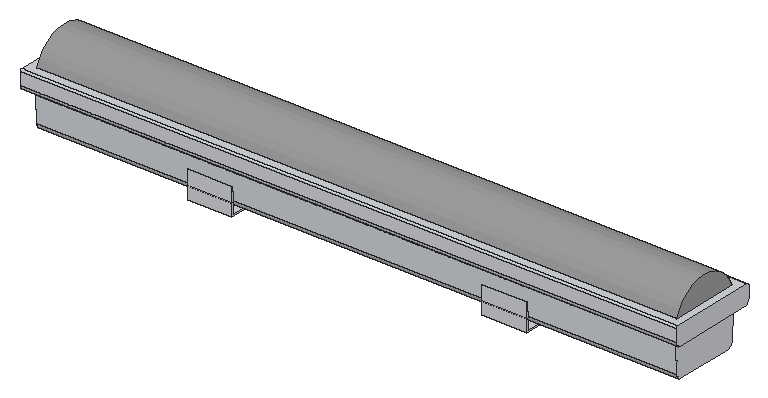
Revit family "0010207", category Lighting Fixtures, host Face, Revit 2017 (continued)
Types (60, lengths in mm): name | Weight | Wattage | TypeName | built-in parameter 1150134 | Photometric Web File | PowerFactor | PowerConsumption | NominalLength | Name | ModelReference | ModelNumber | Model | LuminousEfficacy | built-in parameter 1150105 | Lumens | LampNominalLuminous | LampMacAdamStep | LampColourTemperature | LENGHT_SYL | LENGHT_CHAMFER_SYL | LENGHT-_SYL | LENGHT-_CHAMFER_SYL | L0650_SYL | L1500_SYL | L1200_SYL | built-in parameter 1150107 | built-in parameter 1150106 | built-in parameter 1150104 | DocumentationLiterature | Description | BRACKET_WIDTH_SYL | BRACKET_DIST_SYL | Apparent Load
  0010215 RESISTO 1200 IP66 4800LM 840 QC | "1.61 kg" | 35 W | "Resisto  1200 IP66 4800lm 840 QC" | 12 | "0010215.ies" | 0.95 | "35 W" | 1212 | "Resisto  1200 IP66 4800lm 840 QC" | "Resisto  1200 IP66 4800lm 840 QC" | "0010215" | "Resisto  1200 IP66 4800lm 840 QC" | "137 lm/W" | 1583.6 (stored number, unit not read) | 4795 lm | "4800 lm" | "5" | "4000 K" | 592 | 600 | -592 | -600 | no | no | yes | 4000 (stored number, unit not read) | 15.836 (stored number, unit not read) | 12.728 (stored number, unit not read) | "http://www.sylvania-lighting.com/product/en-int/products/0010215" | "Resisto, integrated LED weatherproof luminaire, with UV stabilized flat diffuser designed to achieve uniform lit appearance, optimise light output and to reduce glare. 301 stainless steel diffuser clips and fixing brackets for surface mounting. Polycarbonate housing and diffuser - no yellow discolouration over time. 4800lm; 35W; 137lm/W; 4000K; SDCM<5; non dimmable; CRI80; IP66; IK08; Class I; 69,000hrs (L80B20) lifespan; 1200mm x 89mm x 88mm; D-mark; assembled with quick connector." | 400 | 444 | 35 VA
  0010214 RESISTO 1200 IP66 2800LM 840 QC | "1.57 kg" | 21 W | "Resisto  1200 IP66 2800lm 840 QC" | 12 | "0010214.ies" | 0.95 | "21 W" | 1212 | "Resisto  1200 IP66 2800lm 840 QC" | "Resisto  1200 IP66 2800lm 840 QC" | "0010214" | "Resisto  1200 IP66 2800lm 840 QC" | "133 lm/W" | 917.95 (stored number, unit not read) | 2793 lm | "2800 lm" | "5" | "4000 K" | 592 | 600 | -592 | -600 | no | no | yes | 4000 (stored number, unit not read) | 9.1795 (stored number, unit not read) | 12.356 (stored number, unit not read) | "http://www.sylvania-lighting.com/product/en-int/products/0010214" | "Resisto, integrated LED weatherproof luminaire, with UV stabilized flat diffuser designed to achieve uniform lit appearance, optimise light output and to reduce glare. 301 stainless steel diffuser clips and fixing brackets for surface mounting. Polycarbonate housing and diffuser - no yellow discolouration over time. 2800lm; 21W; 133lm/W; 4000K; SDCM<5; non dimmable; CRI80; IP66; IK08; Class I; 69,000hrs (L80B20) lifespan; 1200mm x 89mm x 88mm; D-mark; assembled with quick connector." | 400 | 444 | 21 VA
  0010213 RESISTO 1200 IP66 4800LM 865 | "1.54 kg" | 35 W | "Resisto  1200 IP66 4800lm 865" | 1 | "0010213.ies" | 0.95 | "35 W" | 1200 | "Resisto  1200 IP66 4800lm 865" | "Resisto  1200 IP66 4800lm 865" | "0010213" | "Resisto  1200 IP66 4800lm 865" | "137 lm/W" | 1583.6 (stored number, unit not read) | 4795 lm | "4800 lm" | "5" | "6500 K" | 592 | 600 | -592 | -600 | no | no | yes | 6500 (stored number, unit not read) | 15.836 (stored number, unit not read) | 12.728 (stored number, unit not read) | "http://www.sylvania-lighting.com/product/en-int/products/0010213" | "Resisto, integrated LED weatherproof luminaire, with UV stabilized flat diffuser designed to achieve uniform lit appearance, optimise light output and to reduce glare. 301 stainless steel diffuser clips and fixing brackets for surface mounting. Polycarbonate housing and diffuser - no yellow discolouration over time. 4800lm; 35W; 137lm/W; 6500K; SDCM<5; non dimmable; CRI80; IP66; IK08; Class I; 69,000hrs (L80B20) lifespan; 1200mm x 89mm x 88mm; D-mark." | 400 | 444 | 35 VA
  0010212 RESISTO 1200 IP66 2800LM 865 | "1.5 kg" | 21 W | "Resisto  1200 IP66 2800lm 865" | 1 | "0010212.ies" | 0.95 | "21 W" | 1200 | "Resisto  1200 IP66 2800lm 865" | "Resisto  1200 IP66 2800lm 865" | "0010212" | "Resisto  1200 IP66 2800lm 865" | "133 lm/W" | 917.95 (stored number, unit not read) | 2793 lm | "2800 lm" | "5" | "6500 K" | 592 | 600 | -592 | -600 | no | no | yes | 6500 (stored number, unit not read) | 9.1795 (stored number, unit not read) | 12.356 (stored number, unit not read) | "http://www.sylvania-lighting.com/product/en-int/products/0010212" | "Resisto, integrated LED weatherproof luminaire, with UV stabilized flat diffuser designed to achieve uniform lit appearance, optimise light output and to reduce glare. 301 stainless steel diffuser clips and fixing brackets for surface mounting. Polycarbonate housing and diffuser - no yellow discolouration over time. 2800lm; 21W; 133lm/W; 6500K; SDCM<5; non dimmable; CRI80; IP66; IK08; Class I; 69,000hrs (L80B20) lifespan; 1200mm x 89mm x 88mm; D-mark." | 400 | 444 | 21 VA
  0010211 RESISTO 1200 IP66 4800LM 840 | "11.88 kg" | 35 W | "Resisto  1200 IP66 4800lm 840" | 12 | "0010211.ies" | 0.95 | "35.0 W" | 1200 | "Resisto  1200 IP66 4800lm 840" | "Resisto  1200 IP66 4800lm 840" | "0010211" | "Resisto  1200 IP66 4800lm 840" | "137 lm/W" | -7601417.6 (stored number, unit not read) | 4795 lm | "4800 lm" | "5" | "4000 K" | 592 | 600 | -592 | -600 | no | no | yes | 4000 (stored number, unit not read) | -76014.2 (stored number, unit not read) | 12.728 (stored number, unit not read) | "http://www.sylvania-lighting.com/product/en-int/products/0010211" | "Resisto, integrated LED weatherproof luminaire, with UV stabilized flat diffuser designed to achieve uniform lit appearance, optimise light output and to reduce glare. 301 stainless steel diffuser clips and fixing brackets for surface mounting. Polycarbonate housing and diffuser - no yellow discolouration over time. 4800lm; 35W; 137lm/W; 4000K; SDCM<5; non dimmable; CRI80; IP66; IK08; Class I; 69,000hrs (L80B20) lifespan; 1200mm x 89mm x 88mm; D-mark." | 400 | 444 | 35 VA
  0010210 RESISTO 1200 IP66 2800LM 840 | "11.88 kg" | 21 W | "Resisto  1200 IP66 2800lm 840" | 12 | "0010210.ies" | 0.95 | "21.0 W" | 1200 | "Resisto  1200 IP66 2800lm 840" | "Resisto  1200 IP66 2800lm 840" | "0010210" | "Resisto  1200 IP66 2800lm 840" | "133 lm/W" | -2570258.2 (stored number, unit not read) | 2793 lm | "2800 lm" | "5" | "4000 K" | 592 | 600 | -592 | -600 | no | no | yes | 4000 (stored number, unit not read) | -25702.6 (stored number, unit not read) | 12.356 (stored number, unit not read) | "http://www.sylvania-lighting.com/product/en-int/products/0010210" | "Resisto, integrated LED weatherproof luminaire, with UV stabilized flat diffuser designed to achieve uniform lit appearance, optimise light output and to reduce glare. 301 stainless steel diffuser clips and fixing brackets for surface mounting. Polycarbonate housing and diffuser - no yellow discolouration over time. 2800lm; 21W; 133lm/W; 4000K; SDCM<5; non dimmable; CRI80; IP66; IK08; Class I; 69,000hrs (L80B20) lifespan; 1200mm x 89mm x 88mm; D-mark." | 400 | 444 | 21 VA
  0010209 RESISTO 1200 IP66 4800LM 830 | "1.54 kg" | 35 W | "Resisto  1200 IP66 4800lm 830" | (empty or 0) | "0010209.ies" | 0.95 | "35 W" | 1200 | "Resisto  1200 IP66 4800lm 830" | "Resisto  1200 IP66 4800lm 830" | "0010209" | "Resisto  1200 IP66 4800lm 830" | "137 lm/W" | 1583.6 (stored number, unit not read) | 4795 lm | "4800 lm" | "5" | "3000 K" | 592 | 600 | -592 | -600 | no | no | yes | 3000 (stored number, unit not read) | 15.836 (stored number, unit not read) | 12.728 (stored number, unit not read) | "http://www.sylvania-lighting.com/product/en-int/products/0010209" | "Resisto, integrated LED weatherproof luminaire, with UV stabilized flat diffuser designed to achieve uniform lit appearance, optimise light output and to reduce glare. 301 stainless steel diffuser clips and fixing brackets for surface mounting. Polycarbonate housing and diffuser - no yellow discolouration over time. 4800lm; 35W; 137lm/W; 3000K; SDCM<5; non dimmable; CRI80; IP66; IK08; Class I; 69,000hrs (L80B20) lifespan; 1200mm x 89mm x 88mm; D-mark." | 400 | 444 | 35 VA
  0010208 RESISTO 1200 IP66 2800LM 830 | "1.5 kg" | 21 W | "Resisto  1200 IP66 2800lm 830" | (empty or 0) | "0010208.ies" | 0.95 | "21 W" | 1200 | "Resisto  1200 IP66 2800lm 830" | "Resisto  1200 IP66 2800lm 830" | "0010208" | "Resisto  1200 IP66 2800lm 830" | "133 lm/W" | 917.95 (stored number, unit not read) | 2793 lm | "2800 lm" | "5" | "3000 K" | 592 | 600 | -592 | -600 | no | no | yes | 3000 (stored number, unit not read) | 9.1795 (stored number, unit not read) | 12.356 (stored number, unit not read) | "http://www.sylvania-lighting.com/product/en-int/products/0010208" | "Resisto, integrated LED weatherproof luminaire, with UV stabilized flat diffuser designed to achieve uniform lit appearance, optimise light output and to reduce glare. 301 stainless steel diffuser clips and fixing brackets for surface mounting. Polycarbonate housing and diffuser - no yellow discolouration over time. 2800lm; 21W; 133lm/W; 3000K; SDCM<5; non dimmable; CRI80; IP66; IK08; Class I; 69,000hrs (L80B20) lifespan; 1200mm x 89mm x 88mm; D-mark." | 400 | 444 | 21 VA
  0010207 RESISTO 600 HE IP66 2500LM 840 | "0.96 kg" | 16 W | "Resisto  600 HE IP66 2500lm 840" | 12 | "0010207.ies" | 0.95 | "16 W" | 650 | "Resisto  600 HE IP66 2500lm 840" | "Resisto  600 HE IP66 2500lm 840" | "0010207" | "Resisto  600 HE IP66 2500lm 840" | "156 lm/W" | 829.02 (stored number, unit not read) | 2496 lm | "2500 lm" | "3" | "4000 K" | 317 | 325 | -317 | -325 | yes | no | no | 4000 (stored number, unit not read) | 8.2902 (stored number, unit not read) | 14.493 (stored number, unit not read) | "http://www.sylvania-lighting.com/product/en-int/products/0010207" | "Resisto, integrated LED weatherproof luminaire, with UV stabilized flat diffuser designed to achieve uniform lit appearance, optimise light output and to reduce glare. 301 stainless steel diffuser clips and fixing brackets for surface mounting. Polycarbonate housing and diffuser - no yellow discolouration over time. 2500lm; 16W; 156lm/W; 4000K; SDCM<3; non dimmable; CRI80; IP66; IK08; Class I; 69,000hrs (L80B20) lifespan; 650mm x 89mm x 88mm; D-mark." | 125 | 169 | 16 VA
  0010206 RESISTO 600 HE IP66 1400LM 840 | "0.88 kg" | 10 W | "Resisto  600 HE IP66 1400lm 840" | 12 | "0010206.ies" | 0.9 | "10 W" | 650 | "Resisto  600 HE IP66 1400lm 840" | "Resisto  600 HE IP66 1400lm 840" | "0010206" | "Resisto  600 HE IP66 1400lm 840" | "140 lm/W" | 479.25 (stored number, unit not read) | 1400 lm | "1400 lm" | "3" | "4000 K" | 317 | 325 | -317 | -325 | yes | no | no | 4000 (stored number, unit not read) | 4.7925 (stored number, unit not read) | 13.006 (stored number, unit not read) | "http://www.sylvania-lighting.com/product/en-int/products/0010206" | "Resisto, integrated LED weatherproof luminaire, with UV stabilized flat diffuser designed to achieve uniform lit appearance, optimise light output and to reduce glare. 301 stainless steel diffuser clips and fixing brackets for surface mounting. Polycarbonate housing and diffuser - no yellow discolouration over time. 1400lm; 10W; 140lm/W; 4000K; SDCM<3; non dimmable; CRI80; IP66; IK08; Class I; 69,000hrs (L80B20) lifespan; 650mm x 89mm x 88mm; D-mark." | 125 | 169 | 10 VA
  0010205 RESISTO 600 IP66 2500LM 865 | "0.88 kg" | 19 W | "Resisto  600 IP66 2500lm 865" | 1 | "0010205.ies" | 1 | "19 W" | 650 | "Resisto  600 IP66 2500lm 865" | "Resisto  600 IP66 2500lm 865" | "0010205" | "Resisto  600 IP66 2500lm 865" | "132 lm/W" | 833.01 (stored number, unit not read) | 2508 lm | "2500 lm" | "5" | "6500 K" | 317 | 325 | -317 | -325 | yes | no | no | 6500 (stored number, unit not read) | 8.3301 (stored number, unit not read) | 12.263 (stored number, unit not read) | "http://www.sylvania-lighting.com/product/en-int/products/0010205" | "Resisto, integrated LED weatherproof luminaire, with UV stabilized flat diffuser designed to achieve uniform lit appearance, optimise light output and to reduce glare. 301 stainless steel diffuser clips and fixing brackets for surface mounting. Polycarbonate housing and diffuser - no yellow discolouration over time. 2500lm; 19W; 132lm/W; 6500K; SDCM<5; non dimmable; CRI80; IP66; IK08; Class I; 69,000hrs (L80B20) lifespan; 650mm x 89mm x 88mm; D-mark." | 125 | 169 | 19 VA
  0010204 RESISTO 600 IP66 1600LM 865 | "0.88 kg" | 12 W | "Resisto  600 IP66 1600lm 865" | 1 | "0010204.ies" | 0.9 | "12 W" | 650 | "Resisto  600 IP66 1600lm 865" | "Resisto  600 IP66 1600lm 865" | "0010204" | "Resisto  600 IP66 1600lm 865" | "133 lm/W" | 546.34 (stored number, unit not read) | 1596 lm | "1600 lm" | "5" | "6500 K" | 317 | 325 | -317 | -325 | yes | no | no | 6500 (stored number, unit not read) | 5.4634 (stored number, unit not read) | 12.356 (stored number, unit not read) | "http://www.sylvania-lighting.com/product/en-int/products/0010204" | "Resisto, integrated LED weatherproof luminaire, with UV stabilized flat diffuser designed to achieve uniform lit appearance, optimise light output and to reduce glare. 301 stainless steel diffuser clips and fixing brackets for surface mounting. Polycarbonate housing and diffuser - no yellow discolouration over time. 1600lm; 12W; 133lm/W; 6500K; SDCM<5; non dimmable; CRI80; IP66; IK08; Class I; 69,000hrs (L80B20) lifespan; 650mm x 89mm x 88mm; D-mark." | 125 | 169 | 12 VA
  0010203 RESISTO 600 IP66 2500LM 840 | "10.2 kg" | 19 W | "Resisto  600 IP66 2500lm 840" | 12 | "0010203.ies" | 0.95 | "19.0 W" | 650 | "Resisto  600 IP66 2500lm 840" | "Resisto  600 IP66 2500lm 840" | "0010203" | "Resisto  600 IP66 2500lm 840" | "132 lm/W" | -2082492.7 (stored number, unit not read) | 2508 lm | "2500 lm" | "5" | "4000 K" | 317 | 325 | -317 | -325 | yes | no | no | 4000 (stored number, unit not read) | -20824.9 (stored number, unit not read) | 12.263 (stored number, unit not read) | "http://www.sylvania-lighting.com/product/en-int/products/0010203" | "Resisto, integrated LED weatherproof luminaire, with UV stabilized flat diffuser designed to achieve uniform lit appearance, optimise light output and to reduce glare. 301 stainless steel diffuser clips and fixing brackets for surface mounting. Polycarbonate housing and diffuser - no yellow discolouration over time. 2500lm; 19W; 132lm/W; 4000K; SDCM<5; non dimmable; CRI80; IP66; IK08; Class I; 69,000hrs (L80B20) lifespan; 650mm x 89mm x 88mm; D-mark." | 125 | 169 | 19 VA
  0010202 RESISTO 600 IP66 1600LM 840 | "10.2 kg" | 12 W | "Resisto  600 IP66 1600lm 840" | 12 | "0010202.ies" | 0.9 | "12.0 W" | 650 | "Resisto  600 IP66 1600lm 840" | "Resisto  600 IP66 1600lm 840" | "0010202" | "Resisto  600 IP66 1600lm 840" | "133 lm/W" | -874129.2 (stored number, unit not read) | 1596 lm | "1600 lm" | "5" | "4000 K" | 317 | 325 | -317 | -325 | yes | no | no | 4000 (stored number, unit not read) | -8741.3 (stored number, unit not read) | 12.356 (stored number, unit not read) | "http://www.sylvania-lighting.com/product/en-int/products/0010202" | "Resisto, integrated LED weatherproof luminaire, with UV stabilized flat diffuser designed to achieve uniform lit appearance, optimise light output and to reduce glare. 301 stainless steel diffuser clips and fixing brackets for surface mounting. Polycarbonate housing and diffuser - no yellow discolouration over time. 1600lm; 12W; 133lm/W; 4000K; SDCM<5; non dimmable; CRI80; IP66; IK08; Class I; 69,000hrs (L80B20) lifespan; 650mm x 89mm x 88mm; D-mark." | 125 | 169 | 12 VA
  0010279 RESISTO 1500 HE IP66 DALI 8300LM 840 | "2.01 kg" | 54 W | "Resisto 1500 HE IP66 DALI 8300lm 840" | 12 | "0010279.ies" | 0.99 | "54 W" | 1500 | "Resisto 1500 HE IP66 DALI 8300lm 840" | "Resisto 1500 HE IP66 DALI 8300lm 840" | "0010279" | "Resisto 1500 HE IP66 DALI 8300lm 840" | "154 lm/W" | 2773 (stored number, unit not read) | 8316 lm | "8300 lm" | "3" | "4000 K" | 742 | 750 | -742 | -750 | no | yes | no | 4000 (stored number, unit not read) | 27.73 (stored number, unit not read) | 14.307 (stored number, unit not read) | "http://www.sylvania-lighting.com/product/en-int/products/0010279" | "Resisto, integrated LED weatherproof luminaire, with UV stabilized flat diffuser designed to achieve uniform lit appearance, optimise light output and to reduce glare. 301 stainless steel diffuser clips and fixing brackets for surface mounting. Polycarbonate housing and diffuser - no yellow discolouration over time. 8300lm; 54W; 154lm/W; 4000K; SDCM<3; DALI dimmable; CRI80; IP66; IK08; Class I; 69,000hrs (L80B20) lifespan; 1500mm x 89mm x 88mm; D-mark." | 550 | 594 | 54 VA
